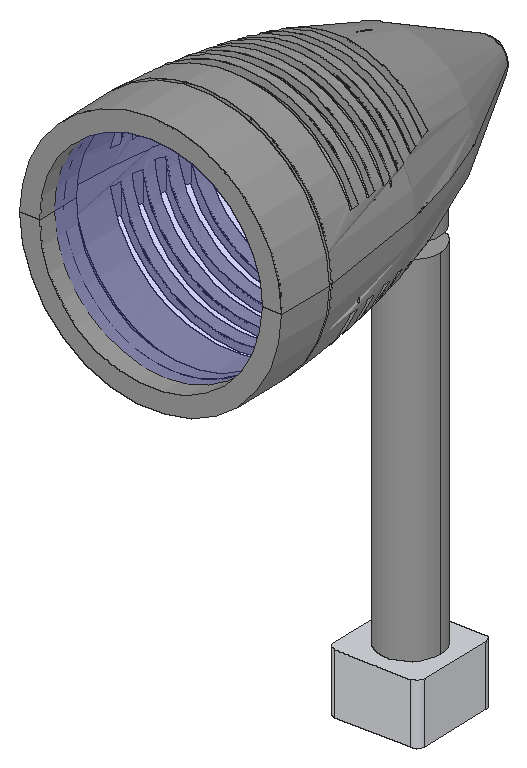
Revit family "Alcon-LITON13111 Revit_", category Generic Models, host Face, Revit 2025
Family settings
  Host = Face
  Can host rebar = No
  Round Connector Dimension = Use Diameter
  Part Type = Normal
  Cut with Voids When Loaded = No
  Maintain Annotation Orientation = No
  Shared = No
  Room Calculation Point = No
Parameters
  URL = "https://www.alconlighting.com/"
  Product Page URL = "https://www.alconlighting.com/bullet-head-13111.html"
  Model = "13111"
  Manufacturer = "ALCON Lighting"
  Fixture Rotation = 90.00°
  Default Elevation = 4' - 0"
  Body = Default
Reference planes (in)
  plane 1 "Center (Front/Back)": y = 0
  plane 2: z = 0
  plane 3 "Center (Left/Right)": x = 0
Forms (in)
  Extrusion 1, solid
    sketch origin (0, 0, 0.5) x (0, 1, 0) y (1, 0, 0)
      loop
        arc (-0.375, -0.3125) -> (-0.35669, -0.35669) -> (-0.3125, -0.375) r 0.0625
        line (-0.3125, -0.375) -> (0.3125, -0.375)
        arc (0.3125, -0.375) -> (0.35669, -0.35669) -> (0.375, -0.3125) r 0.0625
        line (0.375, -0.3125) -> (0.375, 0.3125)
        arc (0.375, 0.3125) -> (0.35669, 0.35669) -> (0.3125, 0.375) r 0.0625
        line (0.3125, 0.375) -> (-0.3125, 0.375)
        arc (-0.3125, 0.375) -> (-0.35669, 0.35669) -> (-0.375, 0.3125) r 0.0625
        line (-0.375, 0.3125) -> (-0.375, -0.3125)
    from 0 to 0.5
  Extrusion 2, solid, material "Default" <- "Body"
    sketch origin (-0.34168, 0.37247, 0.5) x (0, 1, 0) y (-1, 0, 0)
      loop
        circle (-0.37247, -0.34547) r 0.25
    from 0 to 2.96
Dimensions and locks (in)
  "Fixture Rotation": angle plane 1 "Center (Front/Back)" to nested 1
  aligned and locked: plane 2 to host face
  aligned and locked: level to host face
Automatic sketch dimensions
  host sketch curve to host sketch curve = 8' - 0"  (x2)
  plane 1 "Center (Front/Back)" to Extrusion 1 sketch curve = 0' - 0 3/8"
  Extrusion 1 sketch curve to Extrusion 1 sketch curve = 0' - 0 1/16"  (x3)
  Extrusion 1 sketch curve to plane 1 "Center (Front/Back)" = 0' - 0 5/16"  (x2)
  plane 3 "Center (Left/Right)" to Extrusion 1 sketch curve = 0' - 0 3/8"
  Extrusion 1 sketch curve to plane 3 "Center (Left/Right)" = 0' - 0 5/16"
  Extrusion 2 sketch curve to Extrusion 2 sketch curve = 0' - 0"  (x2)
  Extrusion 2 sketch curve to Extrusion 1 = 0' - 0 3/8"
  Extrusion 2 sketch curve to Extrusion 1 = 0' - 0.37121"
  Extrusion 2 sketch curve to Extrusion 1 = 0' - 0.12121"
Nested families (in)
  nested 1: "Alcon-LITON13111 Revit - Cylinder_" at (0, 0, 3.4007) x (0, 1, 0) z (-1, 0, 0), type "Alcon-LITON13111 Revit - Cylinder_"
    with built-in parameter 1001306 0.41667 (stored number, unit not read)
Definition of nested family "Alcon-LITON13111 Revit - Cylinder_"
  Parameters (values of type "Alcon-LITON13111 Revit - Cylinder_")
    Wattage = 9.2903 W
    built-in parameter 1150110 = 1 (stored number, unit not read)
    built-in parameter 1114217 = 1 (stored number, unit not read)
    Tilt Angle = 60.00°
    built-in parameter 1150109 = 1 (stored number, unit not read)
    built-in parameter 1150134 = 3
    built-in parameter 1150113 = 1 (stored number, unit not read)
    built-in parameter 1010507 = 1.5708 (stored number, unit not read)
    built-in parameter 1010506 = 0.5236 (stored number, unit not read)
    built-in parameter 1150105 = 4614.1 (stored number, unit not read)
    Lumens = 1380 lm
    built-in parameter 1150115 = 1 (stored number, unit not read)
    Light Source Symbol Length = 10' - 0"
    built-in parameter 1150137 = (empty or 0)
    built-in parameter 1150139 = (empty or 0)
    built-in parameter 1001306 [instance] = 4' - 0"
    built-in parameter 1150112 = 1 (stored number, unit not read)
    built-in parameter 1150114 = 1 (stored number, unit not read)
    built-in parameter 1150132 = (empty or 0)
    built-in parameter 1150102 = (empty or 0)
    built-in parameter 1150107 = 3200 (stored number, unit not read)
    built-in parameter 1150138 = (empty or 0)
    built-in parameter 1150106 = 46.141 (stored number, unit not read)
    Glass = none
    built-in parameter 1150104 = 13.8 (stored number, unit not read)
    Dimming Lamp Color Temperature Shift = (empty or 0)
    Default Elevation = 0' - 0"
    Color Filter = 16777215
    Body = none
    built-in parameter 1114218 = 1 (stored number, unit not read)
    built-in parameter 1150133 = 10 (stored number, unit not read)
  Reference planes (in)
    plane 1 "Center (Front/Back)": y = 0
    plane 2: z = 0
    plane 3 "Left": x = 0
    plane 4 "Right": x = 48
  Forms (in)
    Revolve 1, solid, material <- "Body"
      sketch origin (-2.6601, -1.05767, 0) x (1, 0, 0) y (0, 0, 1)
        loop
          arc (3.47891, 0) -> (3.46413, -0.06799) -> (3.41691, -0.11908) r 0.13238
          arc (3.41691, -0.11908) -> (2.00752, -0.76185) -> (0.47971, -1.01741) r 5.92616
          arc (0.47971, -1.01741) -> (0.42531, -1.01904) -> (0.3709, -1.02018) r 5.92616
          line (0.3709, -1.02018) -> (0.3709, -0.91854) -> (0, -0.91854) -> (0, -1.07718)
          arc (0, -1.07718) -> (0.23786, -1.08336) -> (0.47578, -1.08008) r 5.98866
          line (0.47578, -1.08008) -> (0.47578, -1.04732) -> (0.50703, -1.04732) -> (0.50703, -1.07894)
          arc (0.50703, -1.07894) -> (2.03783, -0.81792) -> (3.45005, -0.17207) r 5.98866
          arc (3.45005, -0.17207) -> (3.51881, -0.09828) -> (3.54147, 0) r 0.19488
          line (3.54147, 0) -> (3.47891, 0)
        axis (0, 0) -> (3.54147, 0)
      angle from 0 to 360
    Extrusion 2, void
      sketch origin (-2.6601, -1.05767, 0) x (1, 0, 0) y (0, 0, 1)
        loop
          line (0.81248, -0.98881) -> (0.91158, -0.97906) -> (0.91158, 0.97672) -> (0.81248, 0.98647) -> (0.81248, -0.98881)
        loop
          line (1.00968, -0.9684) -> (1.10878, -0.9545) -> (1.10878, 0.95332) -> (1.00968, 0.96722) -> (1.00968, -0.9684)
        loop
          line (1.20688, -0.94238) -> (1.30597, -0.92403) -> (1.30597, 0.92403) -> (1.20688, 0.94238) -> (1.20688, -0.94238)
        loop
          line (1.40407, -0.90226) -> (1.50317, -0.87833) -> (1.50317, 0.87833) -> (1.40407, 0.90226) -> (1.40407, -0.90226)
        loop
          line (1.60127, -0.84699) -> (1.70037, -0.81861) -> (1.70037, 0.81861) -> (1.60127, 0.84699) -> (1.60127, -0.84699)
        loop
          line (1.79847, -0.79052) -> (1.89757, -0.75514) -> (1.89757, 0.75514) -> (1.79847, 0.79052) -> (1.79847, -0.79052)
      from -1.46157 to 1.46032
    Extrusion 3, solid, material <- "Glass"
      sketch origin (-2.6601, -1.05767, 0) x (0, 1, 0) y (0, 0, 1)
        loop
          circle (-0.00243, 0) r 0.91854
      from 0.15498 to 0.25366
    Extrusion 4, solid, material <- "Body"
      sketch origin (-2.6601, -1.05767, 0) x (1, 0, 0) y (0, 0, 1)
        loop
          circle (2.65763, 0) r 0.25
      from -0.44571 to -0.8766
    Extrusion 5, solid
      sketch origin (-2.6601, -0.18107, 0) x (1, 0, 0) y (0, 0, 1)
        loop
          line (2.50804, 0.05359) -> (2.50804, -0.05359) -> (2.81217, -0.05359) -> (2.81217, 0.05359) -> (2.50804, 0.05359)
      from 0 to -0.34646
  Cuts and joins
    Extrusion 2 cuts Revolve 1
  Lines and regions (in)
    reference lines
      curve 1: line (0, 0, 0) -> (48, 0, 0)
    model lines
      curve 2: line (0, 0, 0) -> (-6, 0, 0)
  Dimensions and locks (in)
    "built-in parameter 1001306": plane 3 "Left" to plane 4 "Right"
    aligned and locked: plane 4 "Right" to curve 1
    aligned and locked: plane 1 "Center (Front/Back)" to curve 1
    aligned and locked: plane 3 "Left" to curve 1
    aligned and locked: level to plane 2
  Automatic sketch dimensions
    curve 2 to plane 1 "Center (Front/Back)" = 0' - 0"
    curve 2 to plane 3 "Left" = 0' - 6"
    plane 3 "Left" to curve 2 = 0' - 0"
    Revolve 1 sketch curve to Revolve 1 sketch curve = 0' - 0"  (x14)
    Revolve 1 sketch curve to plane 3 "Left" = 0' - 2.6601"
    Revolve 1 sketch curve to level = 0' - 0"  (x2)
    Revolve 1 sketch curve to plane 3 "Left" = 0' - 2.38581"
    Revolve 1 sketch curve to plane 3 "Left" = 0' - 2.28921"
    Revolve 1 sketch curve to Revolve 1 sketch curve = 0' - 0.10488"
    Revolve 1 sketch curve to Revolve 1 sketch curve = 0' - 0 1/32"
    Revolve 1 sketch curve to level = 0' - 0.00685"
    Revolve 1 sketch curve to Revolve 1 sketch curve = 0' - 2.83968"
    Revolve 1 sketch curve to Revolve 1 sketch curve = 0' - 0.13221"
    Revolve 1 sketch curve to Revolve 1 sketch curve = 0' - 0.06256"
    Revolve 1 sketch curve to level = 0' - 0.91854"
    Revolve 1 sketch curve to Revolve 1 sketch curve = 0' - 0.10164"
    Revolve 1 sketch curve to Revolve 1 sketch curve = 0' - 0.02713"
    Revolve 1 sketch curve to Revolve 1 sketch curve = 0' - 0.15864"
    Revolve 1 sketch curve to Revolve 1 sketch curve = 0' - 0.03163"
    Revolve 1 sketch curve to Revolve 1 sketch curve = 0' - 0.00113"
    Revolve 1 sketch curve to Revolve 1 sketch curve = 0' - 0.00393"
    Revolve 1 sketch curve to Revolve 1 sketch curve = 0' - 0.29228"
    Revolve 1 sketch curve to Revolve 1 sketch curve = 0' - 0.63167"
    Extrusion 2 sketch curve to plane 3 "Left" = 0' - 1.84762"
    Extrusion 2 sketch curve to Extrusion 2 sketch curve = 0' - 0.0991"  (x6)
    Extrusion 2 sketch curve to Extrusion 2 sketch curve = 0' - 0.0981"  (x5)
    level to Extrusion 2 sketch curve = 0' - 0.81861"
    Extrusion 2 sketch curve to level = 0' - 0.79052"
    Extrusion 2 sketch curve to Extrusion 2 sketch curve = 0' - 0.02809"  (x2)
    Extrusion 2 sketch curve to Extrusion 2 sketch curve = 0' - 0.02838"  (x2)
    Extrusion 2 sketch curve to Extrusion 2 sketch curve = 0' - 0.03134"  (x2)
    Extrusion 2 sketch curve to Extrusion 2 sketch curve = 0' - 0.02393"  (x2)
    Extrusion 2 sketch curve to Extrusion 2 sketch curve = 0' - 0.02177"  (x2)
    Extrusion 2 sketch curve to Extrusion 2 sketch curve = 0' - 0.01835"  (x2)
    Extrusion 2 sketch curve to Extrusion 2 sketch curve = 0' - 0.01212"
    Extrusion 2 sketch curve to Extrusion 2 sketch curve = 0' - 0.0139"  (x2)
    Extrusion 2 sketch curve to Extrusion 2 sketch curve = 0' - 0.01066"
    Extrusion 2 sketch curve to Extrusion 2 sketch curve = 0' - 0.00974"  (x2)
    Extrusion 2 sketch curve to Extrusion 2 sketch curve = 0' - 0.03538"
    Extrusion 2 sketch curve to Extrusion 2 sketch curve = 0' - 0.06347"
    Extrusion 2 sketch curve to Extrusion 2 sketch curve = 0' - 0.01094"
    Extrusion 2 sketch curve to Extrusion 2 sketch curve = 0' - 0.0095"
    Extrusion 3 sketch curve to Extrusion 3 sketch curve = 0' - 0"  (x2)
    Extrusion 3 sketch curve to level = 0' - 0"
    plane 1 "Center (Front/Back)" to Extrusion 3 sketch curve = 0' - 1.0601"
    Extrusion 3 sketch curve to level = 0' - 0.91854"
    Extrusion 4 sketch curve to level = 0' - 0"
    Extrusion 4 sketch curve to plane 3 "Left" = 0' - 0.00247"
    Extrusion 5 sketch curve to Extrusion 5 sketch curve = 0' - 0.30412"
    Extrusion 5 sketch curve to Extrusion 5 sketch curve = 0' - 0.10717"
    radius of Extrusion 4 sketch curve = 0' - 0 1/4"
